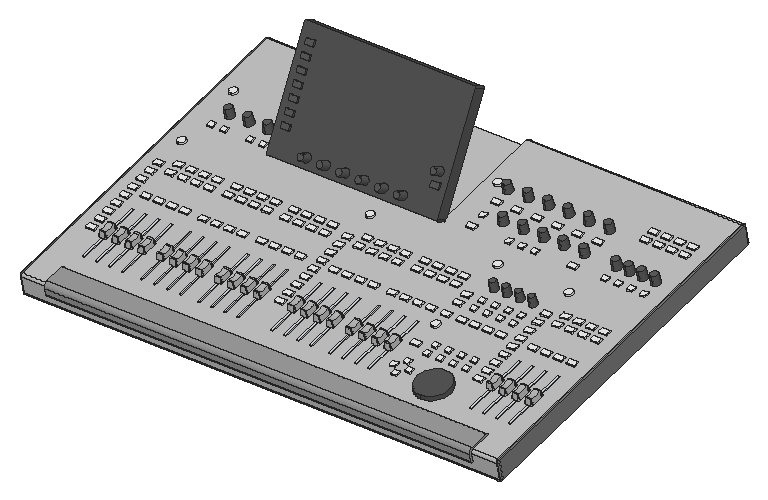
Revit family "Wing", category Communication Devices, Revit 2020
Family settings
  Maintain Annotation Orientation = No
  Round Connector Dimension = Use Diameter
  Part Type = Normal
  Work Plane-Based = Yes
  Always vertical = No
  Cut with Voids When Loaded = Yes
  Shared = No
  Room Calculation Point = No
Parameters
  ScreenTilt [instance] = if(Screen Up, 64.00°, 14.00°)  # 64.00°
  Screen Up [instance] = yes
  Screen Stowed [instance] = not(Screen Up)  # no
  Model = "Wing"
  Manufacturer = "Behringer"
  Default Elevation = 0 mm
Reference planes
  plane 1 "Center (Front/Back)": y = 0
  plane 2: z = 0
  plane 3 "Center (Left/Right)": x = 0
  plane 4 "Control Surface": through (4267.2, -280.258, 62.078) normal (0, -0.2419, 0.9703)
  plane 5 "Rear Connectors": y = 223.328
Forms (mm)
  Extrusion 1, solid, material "Steel, Paint Finish, Light Grey"
    sketch origin (0, 0, 0) x (0, 1, 0) y (0, 0, 1)
      loop
        arc (-276.623, 26.951) -> (-274.348, 23.881) -> (-270.568, 23.317) r 4.996
        line (-270.568, 23.317) -> (283.287, 161.402)
        arc (283.287, 161.402) -> (286.574, 163.573) -> (287.224, 167.458) r 4.933
        line (287.224, 167.458) -> (279.956, 196.53)
        arc (279.956, 196.53) -> (277.504, 199.621) -> (273.595, 200.161) r 5.3
        line (273.595, 200.161) -> (-280.258, 62.078)
        arc (-280.258, 62.078) -> (-283.358, 59.631) -> (-283.893, 55.718) r 5.278
        line (-283.893, 55.718) -> (-276.623, 26.951)
    from -432 to 432
  Blend 2, solid, material "Steel, Paint Finish, Dark Grey"
    base sketch origin (0, 0, 0) x (0, 1, 0) y (0, 0, 1)
      loop
        arc (-276.623, 26.951) -> (-274.348, 23.881) -> (-270.568, 23.317) r 4.996
        line (-270.568, 23.317) -> (283.287, 161.402)
        arc (283.287, 161.402) -> (286.574, 163.573) -> (287.224, 167.458) r 4.933
        line (287.224, 167.458) -> (279.956, 196.53)
        arc (279.956, 196.53) -> (277.504, 199.621) -> (273.595, 200.161) r 5.3
        line (273.595, 200.161) -> (-280.258, 62.078)
        arc (-280.258, 62.078) -> (-283.358, 59.631) -> (-283.893, 55.718) r 5.278
        line (-283.893, 55.718) -> (-276.623, 26.951)
    top sketch origin (0, 0, 0) x (0, 1, 0) y (0, 0, 1)
      loop
        arc (277.123, 195.579) -> (276.061, 196.99) -> (274.32, 197.25) r 2.3
        line (274.32, 197.25) -> (-279.297, 59.225)
        arc (-279.297, 59.225) -> (-280.714, 58.175) -> (-280.971, 56.43) r 2.3
        line (-280.971, 56.43) -> (-273.779, 27.971)
        arc (-273.779, 27.971) -> (-272.73, 26.561) -> (-270.993, 26.303) r 2.3
        line (-270.993, 26.303) -> (282.548, 164.309)
        arc (282.548, 164.309) -> (283.963, 165.356) -> (284.224, 167.097) r 2.3
        line (284.224, 167.097) -> (277.123, 195.579)
    from 432 to 435
  Blend 3, solid, material "Steel, Paint Finish, Dark Grey"
    base sketch origin (0, 0, 0) x (0, 1, 0) y (0, 0, -1)
      loop
        line (-276.623, -26.951) -> (-283.893, -55.718)
        arc (-283.893, -55.718) -> (-283.358, -59.631) -> (-280.258, -62.078) r 5.278
        line (-280.258, -62.078) -> (273.595, -200.161)
        arc (273.595, -200.161) -> (277.504, -199.621) -> (279.956, -196.53) r 5.3
        line (279.956, -196.53) -> (287.224, -167.458)
        arc (287.224, -167.458) -> (286.574, -163.573) -> (283.287, -161.402) r 4.933
        line (283.287, -161.402) -> (-270.568, -23.317)
        arc (-270.568, -23.317) -> (-274.348, -23.881) -> (-276.623, -26.951) r 4.996
    top sketch origin (0, 0, 0) x (0, 1, 0) y (0, 0, -1)
      loop
        line (277.123, -195.579) -> (284.224, -167.097)
        arc (284.224, -167.097) -> (283.963, -165.356) -> (282.548, -164.309) r 2.3
        line (282.548, -164.309) -> (-270.993, -26.303)
        arc (-270.993, -26.303) -> (-272.73, -26.561) -> (-273.779, -27.971) r 2.3
        line (-273.779, -27.971) -> (-280.971, -56.43)
        arc (-280.971, -56.43) -> (-280.714, -58.175) -> (-279.297, -59.225) r 2.3
        line (-279.297, -59.225) -> (274.32, -197.25)
        arc (274.32, -197.25) -> (276.061, -196.99) -> (277.123, -195.579) r 2.3
    from 432 to 435
  Extrusion 4, solid, material "Steel, Paint Finish, Black"
    sketch origin (0, 0, 0) x (0, 1, 0) y (0, 0, 1)
      loop
        line (-213.547, 37.533) -> (-206.478, 17.681)
        arc (-206.478, 17.681) -> (-205.747, 16.717) -> (-204.594, 16.352) r 2
        line (-204.594, 16.352) -> (221.328, 16.352)
        arc (221.328, 16.352) -> (222.743, 16.937) -> (223.328, 18.352) r 2
        line (223.328, 18.352) -> (223.328, 146.453) -> (-213.547, 37.533)
    from -240 to 240
  Extrusion 5, solid, material "Mahogany"
    sketch origin (0, 0, 0) x (0, 1, 0) y (0, 0, 1)
      loop
        line (-282.984, 41.485) -> (-280.296, 41.485) -> (-283.893, 55.718)
        arc (-283.893, 55.718) -> (-283.433, 59.674) -> (-280.258, 62.078) r 5.07
        line (-280.258, 62.078) -> (-246.686, 70.447)
        arc (-246.686, 70.447) -> (-247, 72.256) -> (-248.722, 72.892) r 1.839
        line (-248.722, 72.892) -> (-281.167, 64.803)
        arc (-281.167, 64.803) -> (-285.976, 60.924) -> (-286.826, 54.805) r 8.39
        line (-286.826, 54.805) -> (-283.866, 42.661) -> (-282.984, 41.485)
    from -386.094 to 386.094
  Extrusion 6, void
    sketch origin (0, -30.972, 124.228) x (0, -0.970299, -0.24191) y (1, 0, 0)
      loop
        line (-113.305, -270.115) -> (-113.305, 41.486) -> (-328.101, 41.486) -> (-328.101, -270.115) -> (-113.305, -270.115)
    from 0 to -21
  Extrusion 7, solid
    sketch origin (0, -30.972, 124.228) x (0, -0.970299, -0.24191) y (1, 0, 0)
      loop
        line (187.756, -375.797) -> (187.756, -372.769) -> (72.911, -372.769) -> (72.911, -375.797) -> (187.756, -375.797)
    from 0 to -2
  Extrusion 8, solid
    sketch origin (70.556, -30.972, 124.228) x (0, -0.970299, -0.24191) y (1, 0, 0)
      loop
        line (187.756, -375.797) -> (187.756, -372.769) -> (72.911, -372.769) -> (72.911, -375.797) -> (187.756, -375.797)
    from 0 to -2
  Extrusion 9, solid
    sketch origin (23.519, -30.972, 124.228) x (0, -0.970299, -0.24191) y (1, 0, 0)
      loop
        line (187.756, -375.797) -> (187.756, -372.769) -> (72.911, -372.769) -> (72.911, -375.797) -> (187.756, -375.797)
    from 0 to -2
  Extrusion 10, solid
    sketch origin (47.037, -30.972, 124.228) x (0, -0.970299, -0.24191) y (1, 0, 0)
      loop
        line (187.756, -375.797) -> (187.756, -372.769) -> (72.911, -372.769) -> (72.911, -375.797) -> (187.756, -375.797)
    from 0 to -2
  Extrusion 11, solid
    sketch origin (104.774, -30.972, 124.228) x (0, -0.970299, -0.24191) y (1, 0, 0)
      loop
        line (187.756, -375.797) -> (187.756, -372.769) -> (72.911, -372.769) -> (72.911, -375.797) -> (187.756, -375.797)
    from 0 to -2
  Extrusion 12, solid
    sketch origin (175.331, -30.972, 124.228) x (0, -0.970299, -0.24191) y (1, 0, 0)
      loop
        line (187.756, -375.797) -> (187.756, -372.769) -> (72.911, -372.769) -> (72.911, -375.797) -> (187.756, -375.797)
    from 0 to -2
  Extrusion 13, solid
    sketch origin (128.293, -30.972, 124.228) x (0, -0.970299, -0.24191) y (1, 0, 0)
      loop
        line (187.756, -375.797) -> (187.756, -372.769) -> (72.911, -372.769) -> (72.911, -375.797) -> (187.756, -375.797)
    from 0 to -2
  Extrusion 14, solid
    sketch origin (151.812, -30.972, 124.228) x (0, -0.970299, -0.24191) y (1, 0, 0)
      loop
        line (187.756, -375.797) -> (187.756, -372.769) -> (72.911, -372.769) -> (72.911, -375.797) -> (187.756, -375.797)
    from 0 to -2
  Extrusion 15, solid
    sketch origin (209.55, -30.972, 124.228) x (0, -0.970299, -0.24191) y (1, 0, 0)
      loop
        line (187.756, -375.797) -> (187.756, -372.769) -> (72.911, -372.769) -> (72.911, -375.797) -> (187.756, -375.797)
    from 0 to -2
  Extrusion 16, solid
    sketch origin (280.106, -30.972, 124.228) x (0, -0.970299, -0.24191) y (1, 0, 0)
      loop
        line (187.756, -375.797) -> (187.756, -372.769) -> (72.911, -372.769) -> (72.911, -375.797) -> (187.756, -375.797)
    from 0 to -2
  Extrusion 17, solid
    sketch origin (233.069, -30.972, 124.228) x (0, -0.970299, -0.24191) y (1, 0, 0)
      loop
        line (187.756, -375.797) -> (187.756, -372.769) -> (72.911, -372.769) -> (72.911, -375.797) -> (187.756, -375.797)
    from 0 to -2
  Extrusion 18, solid
    sketch origin (256.587, -30.972, 124.228) x (0, -0.970299, -0.24191) y (1, 0, 0)
      loop
        line (187.756, -375.797) -> (187.756, -372.769) -> (72.911, -372.769) -> (72.911, -375.797) -> (187.756, -375.797)
    from 0 to -2
  Extrusion 19, solid
    sketch origin (342.184, -30.972, 124.228) x (0, -0.970299, -0.24191) y (1, 0, 0)
      loop
        line (187.756, -375.797) -> (187.756, -372.769) -> (72.911, -372.769) -> (72.911, -375.797) -> (187.756, -375.797)
    from 0 to -2
  Extrusion 20, solid
    sketch origin (412.74, -30.972, 124.228) x (0, -0.970299, -0.24191) y (1, 0, 0)
      loop
        line (187.756, -375.797) -> (187.756, -372.769) -> (72.911, -372.769) -> (72.911, -375.797) -> (187.756, -375.797)
    from 0 to -2
  Extrusion 21, solid
    sketch origin (365.703, -30.972, 124.228) x (0, -0.970299, -0.24191) y (1, 0, 0)
      loop
        line (187.756, -375.797) -> (187.756, -372.769) -> (72.911, -372.769) -> (72.911, -375.797) -> (187.756, -375.797)
    from 0 to -2
  Extrusion 22, solid
    sketch origin (389.222, -30.972, 124.228) x (0, -0.970299, -0.24191) y (1, 0, 0)
      loop
        line (187.756, -375.797) -> (187.756, -372.769) -> (72.911, -372.769) -> (72.911, -375.797) -> (187.756, -375.797)
    from 0 to -2
  Extrusion 23, solid
    sketch origin (447.262, -30.972, 124.228) x (0, -0.970299, -0.24191) y (1, 0, 0)
      loop
        line (187.756, -375.797) -> (187.756, -372.769) -> (72.911, -372.769) -> (72.911, -375.797) -> (187.756, -375.797)
    from 0 to -2
  Extrusion 24, solid
    sketch origin (517.819, -30.972, 124.228) x (0, -0.970299, -0.24191) y (1, 0, 0)
      loop
        line (187.756, -375.797) -> (187.756, -372.769) -> (72.911, -372.769) -> (72.911, -375.797) -> (187.756, -375.797)
    from 0 to -2
  Extrusion 25, solid
    sketch origin (470.781, -30.972, 124.228) x (0, -0.970299, -0.24191) y (1, 0, 0)
      loop
        line (187.756, -375.797) -> (187.756, -372.769) -> (72.911, -372.769) -> (72.911, -375.797) -> (187.756, -375.797)
    from 0 to -2
  Extrusion 26, solid
    sketch origin (494.3, -30.972, 124.228) x (0, -0.970299, -0.24191) y (1, 0, 0)
      loop
        line (187.756, -375.797) -> (187.756, -372.769) -> (72.911, -372.769) -> (72.911, -375.797) -> (187.756, -375.797)
    from 0 to -2
  Extrusion 27, solid
    sketch origin (703.144, -30.972, 124.228) x (0, -0.970299, -0.24191) y (1, 0, 0)
      loop
        line (187.756, -375.797) -> (187.756, -372.769) -> (72.911, -372.769) -> (72.911, -375.797) -> (187.756, -375.797)
    from 0 to -2
  Extrusion 28, solid
    sketch origin (773.7, -30.972, 124.228) x (0, -0.970299, -0.24191) y (1, 0, 0)
      loop
        line (187.756, -375.797) -> (187.756, -372.769) -> (72.911, -372.769) -> (72.911, -375.797) -> (187.756, -375.797)
    from 0 to -2
  Extrusion 29, solid
    sketch origin (726.663, -30.972, 124.228) x (0, -0.970299, -0.24191) y (1, 0, 0)
      loop
        line (187.756, -375.797) -> (187.756, -372.769) -> (72.911, -372.769) -> (72.911, -375.797) -> (187.756, -375.797)
    from 0 to -2
  Extrusion 30, solid
    sketch origin (750.182, -30.972, 124.228) x (0, -0.970299, -0.24191) y (1, 0, 0)
      loop
        line (187.756, -375.797) -> (187.756, -372.769) -> (72.911, -372.769) -> (72.911, -375.797) -> (187.756, -375.797)
    from 0 to -2
  Extrusion 31, solid, material "LED, White, Off"
    sketch origin (0, -30.972, 124.228) x (0, -0.970299, -0.24191) y (1, 0, 0)
      loop
        line (136.261, -409.214) -> (136.261, -395.979)
        arc (136.261, -395.979) -> (136.027, -395.414) -> (135.461, -395.179) r 0.8
        line (135.461, -395.179) -> (127.386, -395.179)
        arc (127.386, -395.179) -> (126.82, -395.414) -> (126.586, -395.979) r 0.8
        line (126.586, -395.979) -> (126.586, -409.214)
        arc (126.586, -409.214) -> (126.82, -409.78) -> (127.386, -410.014) r 0.8
        line (127.386, -410.014) -> (135.461, -410.014)
        arc (135.461, -410.014) -> (136.027, -409.78) -> (136.261, -409.214) r 0.8
    from 0 to 2
  Extrusion 32, solid, material "LED, White, Off"
    sketch origin (0, 120.944, 162.103) x (0, -0.970299, -0.24191) y (1, 0, 0)
      loop
        line (136.261, -409.214) -> (136.261, -395.979)
        arc (136.261, -395.979) -> (136.027, -395.414) -> (135.461, -395.179) r 0.8
        line (135.461, -395.179) -> (127.386, -395.179)
        arc (127.386, -395.179) -> (126.82, -395.414) -> (126.586, -395.979) r 0.8
        line (126.586, -395.979) -> (126.586, -409.214)
        arc (126.586, -409.214) -> (126.82, -409.78) -> (127.386, -410.014) r 0.8
        line (127.386, -410.014) -> (135.461, -410.014)
        arc (135.461, -410.014) -> (136.027, -409.78) -> (136.261, -409.214) r 0.8
    from 0 to 2
  Extrusion 33, solid, material "LED, White, Off"
    sketch origin (0, -11.982, 128.962) x (0, -0.970299, -0.24191) y (1, 0, 0)
      loop
        line (136.261, -409.214) -> (136.261, -395.979)
        arc (136.261, -395.979) -> (136.027, -395.414) -> (135.461, -395.179) r 0.8
        line (135.461, -395.179) -> (127.386, -395.179)
        arc (127.386, -395.179) -> (126.82, -395.414) -> (126.586, -395.979) r 0.8
        line (126.586, -395.979) -> (126.586, -409.214)
        arc (126.586, -409.214) -> (126.82, -409.78) -> (127.386, -410.014) r 0.8
        line (127.386, -410.014) -> (135.461, -410.014)
        arc (135.461, -410.014) -> (136.027, -409.78) -> (136.261, -409.214) r 0.8
    from 0 to 2
  Extrusion 34, solid, material "LED, White, Off"
    sketch origin (0, 7.007, 133.697) x (0, -0.970299, -0.24191) y (1, 0, 0)
      loop
        line (136.261, -409.214) -> (136.261, -395.979)
        arc (136.261, -395.979) -> (136.027, -395.414) -> (135.461, -395.179) r 0.8
        line (135.461, -395.179) -> (127.386, -395.179)
        arc (127.386, -395.179) -> (126.82, -395.414) -> (126.586, -395.979) r 0.8
        line (126.586, -395.979) -> (126.586, -409.214)
        arc (126.586, -409.214) -> (126.82, -409.78) -> (127.386, -410.014) r 0.8
        line (127.386, -410.014) -> (135.461, -410.014)
        arc (135.461, -410.014) -> (136.027, -409.78) -> (136.261, -409.214) r 0.8
    from 0 to 2
  Extrusion 35, solid, material "LED, White, Off"
    sketch origin (0, 25.997, 138.431) x (0, -0.970299, -0.24191) y (1, 0, 0)
      loop
        line (136.261, -409.214) -> (136.261, -395.979)
        arc (136.261, -395.979) -> (136.027, -395.414) -> (135.461, -395.179) r 0.8
        line (135.461, -395.179) -> (127.386, -395.179)
        arc (127.386, -395.179) -> (126.82, -395.414) -> (126.586, -395.979) r 0.8
        line (126.586, -395.979) -> (126.586, -409.214)
        arc (126.586, -409.214) -> (126.82, -409.78) -> (127.386, -410.014) r 0.8
        line (127.386, -410.014) -> (135.461, -410.014)
        arc (135.461, -410.014) -> (136.027, -409.78) -> (136.261, -409.214) r 0.8
    from 0 to 2
  Extrusion 36, solid, material "LED, White, Off"
    sketch origin (0, 44.986, 143.166) x (0, -0.970299, -0.24191) y (1, 0, 0)
      loop
        line (136.261, -409.214) -> (136.261, -395.979)
        arc (136.261, -395.979) -> (136.027, -395.414) -> (135.461, -395.179) r 0.8
        line (135.461, -395.179) -> (127.386, -395.179)
        arc (127.386, -395.179) -> (126.82, -395.414) -> (126.586, -395.979) r 0.8
        line (126.586, -395.979) -> (126.586, -409.214)
        arc (126.586, -409.214) -> (126.82, -409.78) -> (127.386, -410.014) r 0.8
        line (127.386, -410.014) -> (135.461, -410.014)
        arc (135.461, -410.014) -> (136.027, -409.78) -> (136.261, -409.214) r 0.8
    from 0 to 2
  Extrusion 37, solid, material "LED, White, Off"
    sketch origin (0, 63.976, 147.9) x (0, -0.970299, -0.24191) y (1, 0, 0)
      loop
        line (136.261, -409.214) -> (136.261, -395.979)
        arc (136.261, -395.979) -> (136.027, -395.414) -> (135.461, -395.179) r 0.8
        line (135.461, -395.179) -> (127.386, -395.179)
        arc (127.386, -395.179) -> (126.82, -395.414) -> (126.586, -395.979) r 0.8
        line (126.586, -395.979) -> (126.586, -409.214)
        arc (126.586, -409.214) -> (126.82, -409.78) -> (127.386, -410.014) r 0.8
        line (127.386, -410.014) -> (135.461, -410.014)
        arc (135.461, -410.014) -> (136.027, -409.78) -> (136.261, -409.214) r 0.8
    from 0 to 2
  Extrusion 38, solid, material "LED, White, Off"
    sketch origin (0, 82.965, 152.634) x (0, -0.970299, -0.24191) y (1, 0, 0)
      loop
        line (136.261, -409.214) -> (136.261, -395.979)
        arc (136.261, -395.979) -> (136.027, -395.414) -> (135.461, -395.179) r 0.8
        line (135.461, -395.179) -> (127.386, -395.179)
        arc (127.386, -395.179) -> (126.82, -395.414) -> (126.586, -395.979) r 0.8
        line (126.586, -395.979) -> (126.586, -409.214)
        arc (126.586, -409.214) -> (126.82, -409.78) -> (127.386, -410.014) r 0.8
        line (127.386, -410.014) -> (135.461, -410.014)
        arc (135.461, -410.014) -> (136.027, -409.78) -> (136.261, -409.214) r 0.8
    from 0 to 2
  Extrusion 39, solid, material "LED, White, Off"
    sketch origin (0, 101.955, 157.369) x (0, -0.970299, -0.24191) y (1, 0, 0)
      loop
        line (136.261, -409.214) -> (136.261, -395.979)
        arc (136.261, -395.979) -> (136.027, -395.414) -> (135.461, -395.179) r 0.8
        line (135.461, -395.179) -> (127.386, -395.179)
        arc (127.386, -395.179) -> (126.82, -395.414) -> (126.586, -395.979) r 0.8
        line (126.586, -395.979) -> (126.586, -409.214)
        arc (126.586, -409.214) -> (126.82, -409.78) -> (127.386, -410.014) r 0.8
        line (127.386, -410.014) -> (135.461, -410.014)
        arc (135.461, -410.014) -> (136.027, -409.78) -> (136.261, -409.214) r 0.8
    from 0 to 2
  Extrusion 40, solid, material "LED, White, Off"
    sketch origin (342.445, -30.972, 124.228) x (0, -0.970299, -0.24191) y (1, 0, 0)
      loop
        line (136.261, -409.214) -> (136.261, -395.979)
        arc (136.261, -395.979) -> (136.027, -395.414) -> (135.461, -395.179) r 0.8
        line (135.461, -395.179) -> (127.386, -395.179)
        arc (127.386, -395.179) -> (126.82, -395.414) -> (126.586, -395.979) r 0.8
        line (126.586, -395.979) -> (126.586, -409.214)
        arc (126.586, -409.214) -> (126.82, -409.78) -> (127.386, -410.014) r 0.8
        line (127.386, -410.014) -> (135.461, -410.014)
        arc (135.461, -410.014) -> (136.027, -409.78) -> (136.261, -409.214) r 0.8
    from 0 to 2
  Extrusion 41, solid, material "LED, White, Off"
    sketch origin (342.445, 120.944, 162.103) x (0, -0.970299, -0.24191) y (1, 0, 0)
      loop
        line (136.261, -409.214) -> (136.261, -395.979)
        arc (136.261, -395.979) -> (136.027, -395.414) -> (135.461, -395.179) r 0.8
        line (135.461, -395.179) -> (127.386, -395.179)
        arc (127.386, -395.179) -> (126.82, -395.414) -> (126.586, -395.979) r 0.8
        line (126.586, -395.979) -> (126.586, -409.214)
        arc (126.586, -409.214) -> (126.82, -409.78) -> (127.386, -410.014) r 0.8
        line (127.386, -410.014) -> (135.461, -410.014)
        arc (135.461, -410.014) -> (136.027, -409.78) -> (136.261, -409.214) r 0.8
    from 0 to 2
  Extrusion 42, solid, material "LED, White, Off"
    sketch origin (342.445, -11.982, 128.962) x (0, -0.970299, -0.24191) y (1, 0, 0)
      loop
        line (136.261, -409.214) -> (136.261, -395.979)
        arc (136.261, -395.979) -> (136.027, -395.414) -> (135.461, -395.179) r 0.8
        line (135.461, -395.179) -> (127.386, -395.179)
        arc (127.386, -395.179) -> (126.82, -395.414) -> (126.586, -395.979) r 0.8
        line (126.586, -395.979) -> (126.586, -409.214)
        arc (126.586, -409.214) -> (126.82, -409.78) -> (127.386, -410.014) r 0.8
        line (127.386, -410.014) -> (135.461, -410.014)
        arc (135.461, -410.014) -> (136.027, -409.78) -> (136.261, -409.214) r 0.8
    from 0 to 2
  Extrusion 43, solid, material "LED, White, Off"
    sketch origin (342.445, 7.007, 133.697) x (0, -0.970299, -0.24191) y (1, 0, 0)
      loop
        line (136.261, -409.214) -> (136.261, -395.979)
        arc (136.261, -395.979) -> (136.027, -395.414) -> (135.461, -395.179) r 0.8
        line (135.461, -395.179) -> (127.386, -395.179)
        arc (127.386, -395.179) -> (126.82, -395.414) -> (126.586, -395.979) r 0.8
        line (126.586, -395.979) -> (126.586, -409.214)
        arc (126.586, -409.214) -> (126.82, -409.78) -> (127.386, -410.014) r 0.8
        line (127.386, -410.014) -> (135.461, -410.014)
        arc (135.461, -410.014) -> (136.027, -409.78) -> (136.261, -409.214) r 0.8
    from 0 to 2
  Extrusion 44, solid, material "LED, White, Off"
    sketch origin (342.445, 25.997, 138.431) x (0, -0.970299, -0.24191) y (1, 0, 0)
      loop
        line (136.261, -409.214) -> (136.261, -395.979)
        arc (136.261, -395.979) -> (136.027, -395.414) -> (135.461, -395.179) r 0.8
        line (135.461, -395.179) -> (127.386, -395.179)
        arc (127.386, -395.179) -> (126.82, -395.414) -> (126.586, -395.979) r 0.8
        line (126.586, -395.979) -> (126.586, -409.214)
        arc (126.586, -409.214) -> (126.82, -409.78) -> (127.386, -410.014) r 0.8
        line (127.386, -410.014) -> (135.461, -410.014)
        arc (135.461, -410.014) -> (136.027, -409.78) -> (136.261, -409.214) r 0.8
    from 0 to 2
  Extrusion 45, solid, material "LED, White, Off"
    sketch origin (342.445, 44.986, 143.166) x (0, -0.970299, -0.24191) y (1, 0, 0)
      loop
        line (136.261, -409.214) -> (136.261, -395.979)
        arc (136.261, -395.979) -> (136.027, -395.414) -> (135.461, -395.179) r 0.8
        line (135.461, -395.179) -> (127.386, -395.179)
        arc (127.386, -395.179) -> (126.82, -395.414) -> (126.586, -395.979) r 0.8
        line (126.586, -395.979) -> (126.586, -409.214)
        arc (126.586, -409.214) -> (126.82, -409.78) -> (127.386, -410.014) r 0.8
        line (127.386, -410.014) -> (135.461, -410.014)
        arc (135.461, -410.014) -> (136.027, -409.78) -> (136.261, -409.214) r 0.8
    from 0 to 2
  Extrusion 46, solid, material "LED, White, Off"
    sketch origin (342.445, 63.976, 147.9) x (0, -0.970299, -0.24191) y (1, 0, 0)
      loop
        line (136.261, -409.214) -> (136.261, -395.979)
        arc (136.261, -395.979) -> (136.027, -395.414) -> (135.461, -395.179) r 0.8
        line (135.461, -395.179) -> (127.386, -395.179)
        arc (127.386, -395.179) -> (126.82, -395.414) -> (126.586, -395.979) r 0.8
        line (126.586, -395.979) -> (126.586, -409.214)
        arc (126.586, -409.214) -> (126.82, -409.78) -> (127.386, -410.014) r 0.8
        line (127.386, -410.014) -> (135.461, -410.014)
        arc (135.461, -410.014) -> (136.027, -409.78) -> (136.261, -409.214) r 0.8
    from 0 to 2
  Extrusion 47, solid, material "LED, White, Off"
    sketch origin (342.445, 82.965, 152.634) x (0, -0.970299, -0.24191) y (1, 0, 0)
      loop
        line (136.261, -409.214) -> (136.261, -395.979)
        arc (136.261, -395.979) -> (136.027, -395.414) -> (135.461, -395.179) r 0.8
        line (135.461, -395.179) -> (127.386, -395.179)
        arc (127.386, -395.179) -> (126.82, -395.414) -> (126.586, -395.979) r 0.8
        line (126.586, -395.979) -> (126.586, -409.214)
        arc (126.586, -409.214) -> (126.82, -409.78) -> (127.386, -410.014) r 0.8
        line (127.386, -410.014) -> (135.461, -410.014)
        arc (135.461, -410.014) -> (136.027, -409.78) -> (136.261, -409.214) r 0.8
    from 0 to 2
  Extrusion 48, solid, material "LED, White, Off"
    sketch origin (342.445, 101.955, 157.369) x (0, -0.970299, -0.24191) y (1, 0, 0)
      loop
        line (136.261, -409.214) -> (136.261, -395.979)
        arc (136.261, -395.979) -> (136.027, -395.414) -> (135.461, -395.179) r 0.8
        line (135.461, -395.179) -> (127.386, -395.179)
        arc (127.386, -395.179) -> (126.82, -395.414) -> (126.586, -395.979) r 0.8
        line (126.586, -395.979) -> (126.586, -409.214)
        arc (126.586, -409.214) -> (126.82, -409.78) -> (127.386, -410.014) r 0.8
        line (127.386, -410.014) -> (135.461, -410.014)
        arc (135.461, -410.014) -> (136.027, -409.78) -> (136.261, -409.214) r 0.8
    from 0 to 2
  Extrusion 49, solid, material "LED, White, Off"
    sketch origin (703.418, -30.972, 124.228) x (0, -0.970299, -0.24191) y (1, 0, 0)
      loop
        line (136.261, -409.214) -> (136.261, -395.979)
        arc (136.261, -395.979) -> (136.027, -395.414) -> (135.461, -395.179) r 0.8
        line (135.461, -395.179) -> (127.386, -395.179)
        arc (127.386, -395.179) -> (126.82, -395.414) -> (126.586, -395.979) r 0.8
        line (126.586, -395.979) -> (126.586, -409.214)
        arc (126.586, -409.214) -> (126.82, -409.78) -> (127.386, -410.014) r 0.8
        line (127.386, -410.014) -> (135.461, -410.014)
        arc (135.461, -410.014) -> (136.027, -409.78) -> (136.261, -409.214) r 0.8
    from 0 to 2
  Extrusion 50, solid, material "LED, White, Off"
    sketch origin (703.418, 120.944, 162.103) x (0, -0.970299, -0.24191) y (1, 0, 0)
      loop
        line (136.261, -409.214) -> (136.261, -395.979)
        arc (136.261, -395.979) -> (136.027, -395.414) -> (135.461, -395.179) r 0.8
        line (135.461, -395.179) -> (127.386, -395.179)
        arc (127.386, -395.179) -> (126.82, -395.414) -> (126.586, -395.979) r 0.8
        line (126.586, -395.979) -> (126.586, -409.214)
        arc (126.586, -409.214) -> (126.82, -409.78) -> (127.386, -410.014) r 0.8
        line (127.386, -410.014) -> (135.461, -410.014)
        arc (135.461, -410.014) -> (136.027, -409.78) -> (136.261, -409.214) r 0.8
    from 0 to 2
  Extrusion 51, solid, material "LED, White, Off"
    sketch origin (703.418, -11.982, 128.962) x (0, -0.970299, -0.24191) y (1, 0, 0)
      loop
        line (136.261, -409.214) -> (136.261, -395.979)
        arc (136.261, -395.979) -> (136.027, -395.414) -> (135.461, -395.179) r 0.8
        line (135.461, -395.179) -> (127.386, -395.179)
        arc (127.386, -395.179) -> (126.82, -395.414) -> (126.586, -395.979) r 0.8
        line (126.586, -395.979) -> (126.586, -409.214)
        arc (126.586, -409.214) -> (126.82, -409.78) -> (127.386, -410.014) r 0.8
        line (127.386, -410.014) -> (135.461, -410.014)
        arc (135.461, -410.014) -> (136.027, -409.78) -> (136.261, -409.214) r 0.8
    from 0 to 2
  Extrusion 52, solid, material "LED, White, Off"
    sketch origin (703.418, 7.007, 133.697) x (0, -0.970299, -0.24191) y (1, 0, 0)
      loop
        line (136.261, -409.214) -> (136.261, -395.979)
        arc (136.261, -395.979) -> (136.027, -395.414) -> (135.461, -395.179) r 0.8
        line (135.461, -395.179) -> (127.386, -395.179)
        arc (127.386, -395.179) -> (126.82, -395.414) -> (126.586, -395.979) r 0.8
        line (126.586, -395.979) -> (126.586, -409.214)
        arc (126.586, -409.214) -> (126.82, -409.78) -> (127.386, -410.014) r 0.8
        line (127.386, -410.014) -> (135.461, -410.014)
        arc (135.461, -410.014) -> (136.027, -409.78) -> (136.261, -409.214) r 0.8
    from 0 to 2
  Extrusion 53, solid, material "LED, White, Off"
    sketch origin (703.418, 25.997, 138.431) x (0, -0.970299, -0.24191) y (1, 0, 0)
      loop
        line (136.261, -409.214) -> (136.261, -395.979)
        arc (136.261, -395.979) -> (136.027, -395.414) -> (135.461, -395.179) r 0.8
        line (135.461, -395.179) -> (127.386, -395.179)
        arc (127.386, -395.179) -> (126.82, -395.414) -> (126.586, -395.979) r 0.8
        line (126.586, -395.979) -> (126.586, -409.214)
        arc (126.586, -409.214) -> (126.82, -409.78) -> (127.386, -410.014) r 0.8
        line (127.386, -410.014) -> (135.461, -410.014)
        arc (135.461, -410.014) -> (136.027, -409.78) -> (136.261, -409.214) r 0.8
    from 0 to 2
  Extrusion 54, solid, material "LED, White, Off"
    sketch origin (703.418, 44.986, 143.166) x (0, -0.970299, -0.24191) y (1, 0, 0)
      loop
        line (136.261, -409.214) -> (136.261, -395.979)
        arc (136.261, -395.979) -> (136.027, -395.414) -> (135.461, -395.179) r 0.8
        line (135.461, -395.179) -> (127.386, -395.179)
        arc (127.386, -395.179) -> (126.82, -395.414) -> (126.586, -395.979) r 0.8
        line (126.586, -395.979) -> (126.586, -409.214)
        arc (126.586, -409.214) -> (126.82, -409.78) -> (127.386, -410.014) r 0.8
        line (127.386, -410.014) -> (135.461, -410.014)
        arc (135.461, -410.014) -> (136.027, -409.78) -> (136.261, -409.214) r 0.8
    from 0 to 2
  Extrusion 55, solid, material "LED, White, Off"
    sketch origin (703.418, 63.976, 147.9) x (0, -0.970299, -0.24191) y (1, 0, 0)
      loop
        line (136.261, -409.214) -> (136.261, -395.979)
        arc (136.261, -395.979) -> (136.027, -395.414) -> (135.461, -395.179) r 0.8
        line (135.461, -395.179) -> (127.386, -395.179)
        arc (127.386, -395.179) -> (126.82, -395.414) -> (126.586, -395.979) r 0.8
        line (126.586, -395.979) -> (126.586, -409.214)
        arc (126.586, -409.214) -> (126.82, -409.78) -> (127.386, -410.014) r 0.8
        line (127.386, -410.014) -> (135.461, -410.014)
        arc (135.461, -410.014) -> (136.027, -409.78) -> (136.261, -409.214) r 0.8
    from 0 to 2
  Extrusion 56, solid, material "LED, White, Off"
    sketch origin (703.418, 82.965, 152.634) x (0, -0.970299, -0.24191) y (1, 0, 0)
      loop
        line (136.261, -409.214) -> (136.261, -395.979)
        arc (136.261, -395.979) -> (136.027, -395.414) -> (135.461, -395.179) r 0.8
        line (135.461, -395.179) -> (127.386, -395.179)
        arc (127.386, -395.179) -> (126.82, -395.414) -> (126.586, -395.979) r 0.8
        line (126.586, -395.979) -> (126.586, -409.214)
        arc (126.586, -409.214) -> (126.82, -409.78) -> (127.386, -410.014) r 0.8
        line (127.386, -410.014) -> (135.461, -410.014)
        arc (135.461, -410.014) -> (136.027, -409.78) -> (136.261, -409.214) r 0.8
    from 0 to 2
  Extrusion 57, solid, material "LED, White, Off"
    sketch origin (703.418, 101.955, 157.369) x (0, -0.970299, -0.24191) y (1, 0, 0)
      loop
        line (136.261, -409.214) -> (136.261, -395.979)
        arc (136.261, -395.979) -> (136.027, -395.414) -> (135.461, -395.179) r 0.8
        line (135.461, -395.179) -> (127.386, -395.179)
        arc (127.386, -395.179) -> (126.82, -395.414) -> (126.586, -395.979) r 0.8
        line (126.586, -395.979) -> (126.586, -409.214)
        arc (126.586, -409.214) -> (126.82, -409.78) -> (127.386, -410.014) r 0.8
        line (127.386, -410.014) -> (135.461, -410.014)
        arc (135.461, -410.014) -> (136.027, -409.78) -> (136.261, -409.214) r 0.8
    from 0 to 2
  Extrusion 58, solid, material "LED, White, Off"
    sketch origin (28.486, 111.875, 159.842) x (0, -0.970299, -0.24191) y (1, 0, 0)
      loop
        line (136.261, -409.214) -> (136.261, -395.979)
        arc (136.261, -395.979) -> (136.027, -395.414) -> (135.461, -395.179) r 0.8
        line (135.461, -395.179) -> (127.386, -395.179)
        arc (127.386, -395.179) -> (126.82, -395.414) -> (126.586, -395.979) r 0.8
        line (126.586, -395.979) -> (126.586, -409.214)
        arc (126.586, -409.214) -> (126.82, -409.78) -> (127.386, -410.014) r 0.8
        line (127.386, -410.014) -> (135.461, -410.014)
        arc (135.461, -410.014) -> (136.027, -409.78) -> (136.261, -409.214) r 0.8
    from 0 to 2
  Extrusion 59, solid, material "LED, White, Off"
    sketch origin (28.486, 130.865, 164.576) x (0, -0.970299, -0.24191) y (1, 0, 0)
      loop
        line (136.261, -409.214) -> (136.261, -395.979)
        arc (136.261, -395.979) -> (136.027, -395.414) -> (135.461, -395.179) r 0.8
        line (135.461, -395.179) -> (127.386, -395.179)
        arc (127.386, -395.179) -> (126.82, -395.414) -> (126.586, -395.979) r 0.8
        line (126.586, -395.979) -> (126.586, -409.214)
        arc (126.586, -409.214) -> (126.82, -409.78) -> (127.386, -410.014) r 0.8
        line (127.386, -410.014) -> (135.461, -410.014)
        arc (135.461, -410.014) -> (136.027, -409.78) -> (136.261, -409.214) r 0.8
    from 0 to 2
  Extrusion 60, solid, material "LED, White, Off"
    sketch origin (28.486, 56.573, 146.054) x (0, -0.970299, -0.24191) y (1, 0, 0)
      loop
        line (136.261, -409.214) -> (136.261, -395.979)
        arc (136.261, -395.979) -> (136.027, -395.414) -> (135.461, -395.179) r 0.8
        line (135.461, -395.179) -> (127.386, -395.179)
        arc (127.386, -395.179) -> (126.82, -395.414) -> (126.586, -395.979) r 0.8
        line (126.586, -395.979) -> (126.586, -409.214)
        arc (126.586, -409.214) -> (126.82, -409.78) -> (127.386, -410.014) r 0.8
        line (127.386, -410.014) -> (135.461, -410.014)
        arc (135.461, -410.014) -> (136.027, -409.78) -> (136.261, -409.214) r 0.8
    from 0 to 2
  Extrusion 61, solid, material "LED, White, Off"
    sketch origin (52.005, 111.875, 159.842) x (0, -0.970299, -0.24191) y (1, 0, 0)
      loop
        line (136.261, -409.214) -> (136.261, -395.979)
        arc (136.261, -395.979) -> (136.027, -395.414) -> (135.461, -395.179) r 0.8
        line (135.461, -395.179) -> (127.386, -395.179)
        arc (127.386, -395.179) -> (126.82, -395.414) -> (126.586, -395.979) r 0.8
        line (126.586, -395.979) -> (126.586, -409.214)
        arc (126.586, -409.214) -> (126.82, -409.78) -> (127.386, -410.014) r 0.8
        line (127.386, -410.014) -> (135.461, -410.014)
        arc (135.461, -410.014) -> (136.027, -409.78) -> (136.261, -409.214) r 0.8
    from 0 to 2
  Extrusion 62, solid, material "LED, White, Off"
    sketch origin (52.005, 130.865, 164.576) x (0, -0.970299, -0.24191) y (1, 0, 0)
      loop
        line (136.261, -409.214) -> (136.261, -395.979)
        arc (136.261, -395.979) -> (136.027, -395.414) -> (135.461, -395.179) r 0.8
        line (135.461, -395.179) -> (127.386, -395.179)
        arc (127.386, -395.179) -> (126.82, -395.414) -> (126.586, -395.979) r 0.8
        line (126.586, -395.979) -> (126.586, -409.214)
        arc (126.586, -409.214) -> (126.82, -409.78) -> (127.386, -410.014) r 0.8
        line (127.386, -410.014) -> (135.461, -410.014)
        arc (135.461, -410.014) -> (136.027, -409.78) -> (136.261, -409.214) r 0.8
    from 0 to 2
  Extrusion 63, solid, material "LED, White, Off"
    sketch origin (52.005, 56.573, 146.054) x (0, -0.970299, -0.24191) y (1, 0, 0)
      loop
        line (136.261, -409.214) -> (136.261, -395.979)
        arc (136.261, -395.979) -> (136.027, -395.414) -> (135.461, -395.179) r 0.8
        line (135.461, -395.179) -> (127.386, -395.179)
        arc (127.386, -395.179) -> (126.82, -395.414) -> (126.586, -395.979) r 0.8
        line (126.586, -395.979) -> (126.586, -409.214)
        arc (126.586, -409.214) -> (126.82, -409.78) -> (127.386, -410.014) r 0.8
        line (127.386, -410.014) -> (135.461, -410.014)
        arc (135.461, -410.014) -> (136.027, -409.78) -> (136.261, -409.214) r 0.8
    from 0 to 2
  Extrusion 64, solid, material "LED, White, Off"
    sketch origin (75.524, 111.875, 159.842) x (0, -0.970299, -0.24191) y (1, 0, 0)
      loop
        line (136.261, -409.214) -> (136.261, -395.979)
        arc (136.261, -395.979) -> (136.027, -395.414) -> (135.461, -395.179) r 0.8
        line (135.461, -395.179) -> (127.386, -395.179)
        arc (127.386, -395.179) -> (126.82, -395.414) -> (126.586, -395.979) r 0.8
        line (126.586, -395.979) -> (126.586, -409.214)
        arc (126.586, -409.214) -> (126.82, -409.78) -> (127.386, -410.014) r 0.8
        line (127.386, -410.014) -> (135.461, -410.014)
        arc (135.461, -410.014) -> (136.027, -409.78) -> (136.261, -409.214) r 0.8
    from 0 to 2
  Extrusion 65, solid, material "LED, White, Off"
    sketch origin (75.524, 130.865, 164.576) x (0, -0.970299, -0.24191) y (1, 0, 0)
      loop
        line (136.261, -409.214) -> (136.261, -395.979)
        arc (136.261, -395.979) -> (136.027, -395.414) -> (135.461, -395.179) r 0.8
        line (135.461, -395.179) -> (127.386, -395.179)
        arc (127.386, -395.179) -> (126.82, -395.414) -> (126.586, -395.979) r 0.8
        line (126.586, -395.979) -> (126.586, -409.214)
        arc (126.586, -409.214) -> (126.82, -409.78) -> (127.386, -410.014) r 0.8
        line (127.386, -410.014) -> (135.461, -410.014)
        arc (135.461, -410.014) -> (136.027, -409.78) -> (136.261, -409.214) r 0.8
    from 0 to 2
  Extrusion 66, solid, material "LED, White, Off"
    sketch origin (75.524, 56.573, 146.054) x (0, -0.970299, -0.24191) y (1, 0, 0)
      loop
        line (136.261, -409.214) -> (136.261, -395.979)
        arc (136.261, -395.979) -> (136.027, -395.414) -> (135.461, -395.179) r 0.8
        line (135.461, -395.179) -> (127.386, -395.179)
        arc (127.386, -395.179) -> (126.82, -395.414) -> (126.586, -395.979) r 0.8
        line (126.586, -395.979) -> (126.586, -409.214)
        arc (126.586, -409.214) -> (126.82, -409.78) -> (127.386, -410.014) r 0.8
        line (127.386, -410.014) -> (135.461, -410.014)
        arc (135.461, -410.014) -> (136.027, -409.78) -> (136.261, -409.214) r 0.8
    from 0 to 2
  Extrusion 67, solid, material "LED, White, Off"
    sketch origin (99.043, 111.875, 159.842) x (0, -0.970299, -0.24191) y (1, 0, 0)
      loop
        line (136.261, -409.214) -> (136.261, -395.979)
        arc (136.261, -395.979) -> (136.027, -395.414) -> (135.461, -395.179) r 0.8
        line (135.461, -395.179) -> (127.386, -395.179)
        arc (127.386, -395.179) -> (126.82, -395.414) -> (126.586, -395.979) r 0.8
        line (126.586, -395.979) -> (126.586, -409.214)
        arc (126.586, -409.214) -> (126.82, -409.78) -> (127.386, -410.014) r 0.8
        line (127.386, -410.014) -> (135.461, -410.014)
        arc (135.461, -410.014) -> (136.027, -409.78) -> (136.261, -409.214) r 0.8
    from 0 to 2
  Extrusion 68, solid, material "LED, White, Off"
    sketch origin (99.043, 130.865, 164.576) x (0, -0.970299, -0.24191) y (1, 0, 0)
      loop
        line (136.261, -409.214) -> (136.261, -395.979)
        arc (136.261, -395.979) -> (136.027, -395.414) -> (135.461, -395.179) r 0.8
        line (135.461, -395.179) -> (127.386, -395.179)
        arc (127.386, -395.179) -> (126.82, -395.414) -> (126.586, -395.979) r 0.8
        line (126.586, -395.979) -> (126.586, -409.214)
        arc (126.586, -409.214) -> (126.82, -409.78) -> (127.386, -410.014) r 0.8
        line (127.386, -410.014) -> (135.461, -410.014)
        arc (135.461, -410.014) -> (136.027, -409.78) -> (136.261, -409.214) r 0.8
    from 0 to 2
  Extrusion 69, solid, material "LED, White, Off"
    sketch origin (99.043, 56.573, 146.054) x (0, -0.970299, -0.24191) y (1, 0, 0)
      loop
        line (136.261, -409.214) -> (136.261, -395.979)
        arc (136.261, -395.979) -> (136.027, -395.414) -> (135.461, -395.179) r 0.8
        line (135.461, -395.179) -> (127.386, -395.179)
        arc (127.386, -395.179) -> (126.82, -395.414) -> (126.586, -395.979) r 0.8
        line (126.586, -395.979) -> (126.586, -409.214)
        arc (126.586, -409.214) -> (126.82, -409.78) -> (127.386, -410.014) r 0.8
        line (127.386, -410.014) -> (135.461, -410.014)
        arc (135.461, -410.014) -> (136.027, -409.78) -> (136.261, -409.214) r 0.8
    from 0 to 2
  Extrusion 70, solid, material "LED, White, Off"
    sketch origin (133.261, 111.875, 159.842) x (0, -0.970299, -0.24191) y (1, 0, 0)
      loop
        line (136.261, -409.214) -> (136.261, -395.979)
        arc (136.261, -395.979) -> (136.027, -395.414) -> (135.461, -395.179) r 0.8
        line (135.461, -395.179) -> (127.386, -395.179)
        arc (127.386, -395.179) -> (126.82, -395.414) -> (126.586, -395.979) r 0.8
        line (126.586, -395.979) -> (126.586, -409.214)
        arc (126.586, -409.214) -> (126.82, -409.78) -> (127.386, -410.014) r 0.8
        line (127.386, -410.014) -> (135.461, -410.014)
        arc (135.461, -410.014) -> (136.027, -409.78) -> (136.261, -409.214) r 0.8
    from 0 to 2
  Extrusion 71, solid, material "LED, White, Off"
    sketch origin (133.261, 130.865, 164.576) x (0, -0.970299, -0.24191) y (1, 0, 0)
      loop
        line (136.261, -409.214) -> (136.261, -395.979)
        arc (136.261, -395.979) -> (136.027, -395.414) -> (135.461, -395.179) r 0.8
        line (135.461, -395.179) -> (127.386, -395.179)
        arc (127.386, -395.179) -> (126.82, -395.414) -> (126.586, -395.979) r 0.8
        line (126.586, -395.979) -> (126.586, -409.214)
        arc (126.586, -409.214) -> (126.82, -409.78) -> (127.386, -410.014) r 0.8
        line (127.386, -410.014) -> (135.461, -410.014)
        arc (135.461, -410.014) -> (136.027, -409.78) -> (136.261, -409.214) r 0.8
    from 0 to 2
  Extrusion 72, solid, material "LED, White, Off"
    sketch origin (133.261, 56.573, 146.054) x (0, -0.970299, -0.24191) y (1, 0, 0)
      loop
        line (136.261, -409.214) -> (136.261, -395.979)
        arc (136.261, -395.979) -> (136.027, -395.414) -> (135.461, -395.179) r 0.8
        line (135.461, -395.179) -> (127.386, -395.179)
        arc (127.386, -395.179) -> (126.82, -395.414) -> (126.586, -395.979) r 0.8
        line (126.586, -395.979) -> (126.586, -409.214)
        arc (126.586, -409.214) -> (126.82, -409.78) -> (127.386, -410.014) r 0.8
        line (127.386, -410.014) -> (135.461, -410.014)
        arc (135.461, -410.014) -> (136.027, -409.78) -> (136.261, -409.214) r 0.8
    from 0 to 2
  Extrusion 73, solid, material "LED, White, Off"
    sketch origin (156.779, 111.875, 159.842) x (0, -0.970299, -0.24191) y (1, 0, 0)
      loop
        line (136.261, -409.214) -> (136.261, -395.979)
        arc (136.261, -395.979) -> (136.027, -395.414) -> (135.461, -395.179) r 0.8
        line (135.461, -395.179) -> (127.386, -395.179)
        arc (127.386, -395.179) -> (126.82, -395.414) -> (126.586, -395.979) r 0.8
        line (126.586, -395.979) -> (126.586, -409.214)
        arc (126.586, -409.214) -> (126.82, -409.78) -> (127.386, -410.014) r 0.8
        line (127.386, -410.014) -> (135.461, -410.014)
        arc (135.461, -410.014) -> (136.027, -409.78) -> (136.261, -409.214) r 0.8
    from 0 to 2
  Extrusion 74, solid, material "LED, White, Off"
    sketch origin (156.779, 130.865, 164.576) x (0, -0.970299, -0.24191) y (1, 0, 0)
      loop
        line (136.261, -409.214) -> (136.261, -395.979)
        arc (136.261, -395.979) -> (136.027, -395.414) -> (135.461, -395.179) r 0.8
        line (135.461, -395.179) -> (127.386, -395.179)
        arc (127.386, -395.179) -> (126.82, -395.414) -> (126.586, -395.979) r 0.8
        line (126.586, -395.979) -> (126.586, -409.214)
        arc (126.586, -409.214) -> (126.82, -409.78) -> (127.386, -410.014) r 0.8
        line (127.386, -410.014) -> (135.461, -410.014)
        arc (135.461, -410.014) -> (136.027, -409.78) -> (136.261, -409.214) r 0.8
    from 0 to 2
  Extrusion 75, solid, material "LED, White, Off"
    sketch origin (156.779, 56.573, 146.054) x (0, -0.970299, -0.24191) y (1, 0, 0)
      loop
        line (136.261, -409.214) -> (136.261, -395.979)
        arc (136.261, -395.979) -> (136.027, -395.414) -> (135.461, -395.179) r 0.8
        line (135.461, -395.179) -> (127.386, -395.179)
        arc (127.386, -395.179) -> (126.82, -395.414) -> (126.586, -395.979) r 0.8
        line (126.586, -395.979) -> (126.586, -409.214)
        arc (126.586, -409.214) -> (126.82, -409.78) -> (127.386, -410.014) r 0.8
        line (127.386, -410.014) -> (135.461, -410.014)
        arc (135.461, -410.014) -> (136.027, -409.78) -> (136.261, -409.214) r 0.8
    from 0 to 2
  Extrusion 76, solid, material "LED, White, Off"
    sketch origin (180.298, 111.875, 159.842) x (0, -0.970299, -0.24191) y (1, 0, 0)
      loop
        line (136.261, -409.214) -> (136.261, -395.979)
        arc (136.261, -395.979) -> (136.027, -395.414) -> (135.461, -395.179) r 0.8
        line (135.461, -395.179) -> (127.386, -395.179)
        arc (127.386, -395.179) -> (126.82, -395.414) -> (126.586, -395.979) r 0.8
        line (126.586, -395.979) -> (126.586, -409.214)
        arc (126.586, -409.214) -> (126.82, -409.78) -> (127.386, -410.014) r 0.8
        line (127.386, -410.014) -> (135.461, -410.014)
        arc (135.461, -410.014) -> (136.027, -409.78) -> (136.261, -409.214) r 0.8
    from 0 to 2
  Extrusion 77, solid, material "LED, White, Off"
    sketch origin (180.298, 130.865, 164.576) x (0, -0.970299, -0.24191) y (1, 0, 0)
      loop
        line (136.261, -409.214) -> (136.261, -395.979)
        arc (136.261, -395.979) -> (136.027, -395.414) -> (135.461, -395.179) r 0.8
        line (135.461, -395.179) -> (127.386, -395.179)
        arc (127.386, -395.179) -> (126.82, -395.414) -> (126.586, -395.979) r 0.8
        line (126.586, -395.979) -> (126.586, -409.214)
        arc (126.586, -409.214) -> (126.82, -409.78) -> (127.386, -410.014) r 0.8
        line (127.386, -410.014) -> (135.461, -410.014)
        arc (135.461, -410.014) -> (136.027, -409.78) -> (136.261, -409.214) r 0.8
    from 0 to 2
  Extrusion 78, solid, material "LED, White, Off"
    sketch origin (180.298, 56.573, 146.054) x (0, -0.970299, -0.24191) y (1, 0, 0)
      loop
        line (136.261, -409.214) -> (136.261, -395.979)
        arc (136.261, -395.979) -> (136.027, -395.414) -> (135.461, -395.179) r 0.8
        line (135.461, -395.179) -> (127.386, -395.179)
        arc (127.386, -395.179) -> (126.82, -395.414) -> (126.586, -395.979) r 0.8
        line (126.586, -395.979) -> (126.586, -409.214)
        arc (126.586, -409.214) -> (126.82, -409.78) -> (127.386, -410.014) r 0.8
        line (127.386, -410.014) -> (135.461, -410.014)
        arc (135.461, -410.014) -> (136.027, -409.78) -> (136.261, -409.214) r 0.8
    from 0 to 2
  Extrusion 79, solid, material "LED, White, Off"
    sketch origin (203.817, 111.875, 159.842) x (0, -0.970299, -0.24191) y (1, 0, 0)
      loop
        line (136.261, -409.214) -> (136.261, -395.979)
        arc (136.261, -395.979) -> (136.027, -395.414) -> (135.461, -395.179) r 0.8
        line (135.461, -395.179) -> (127.386, -395.179)
        arc (127.386, -395.179) -> (126.82, -395.414) -> (126.586, -395.979) r 0.8
        line (126.586, -395.979) -> (126.586, -409.214)
        arc (126.586, -409.214) -> (126.82, -409.78) -> (127.386, -410.014) r 0.8
        line (127.386, -410.014) -> (135.461, -410.014)
        arc (135.461, -410.014) -> (136.027, -409.78) -> (136.261, -409.214) r 0.8
    from 0 to 2
  Extrusion 80, solid, material "LED, White, Off"
    sketch origin (203.817, 130.865, 164.576) x (0, -0.970299, -0.24191) y (1, 0, 0)
      loop
        line (136.261, -409.214) -> (136.261, -395.979)
        arc (136.261, -395.979) -> (136.027, -395.414) -> (135.461, -395.179) r 0.8
        line (135.461, -395.179) -> (127.386, -395.179)
        arc (127.386, -395.179) -> (126.82, -395.414) -> (126.586, -395.979) r 0.8
        line (126.586, -395.979) -> (126.586, -409.214)
        arc (126.586, -409.214) -> (126.82, -409.78) -> (127.386, -410.014) r 0.8
        line (127.386, -410.014) -> (135.461, -410.014)
        arc (135.461, -410.014) -> (136.027, -409.78) -> (136.261, -409.214) r 0.8
    from 0 to 2
  Extrusion 81, solid, material "LED, White, Off"
    sketch origin (203.817, 56.573, 146.054) x (0, -0.970299, -0.24191) y (1, 0, 0)
      loop
        line (136.261, -409.214) -> (136.261, -395.979)
        arc (136.261, -395.979) -> (136.027, -395.414) -> (135.461, -395.179) r 0.8
        line (135.461, -395.179) -> (127.386, -395.179)
        arc (127.386, -395.179) -> (126.82, -395.414) -> (126.586, -395.979) r 0.8
        line (126.586, -395.979) -> (126.586, -409.214)
        arc (126.586, -409.214) -> (126.82, -409.78) -> (127.386, -410.014) r 0.8
        line (127.386, -410.014) -> (135.461, -410.014)
        arc (135.461, -410.014) -> (136.027, -409.78) -> (136.261, -409.214) r 0.8
    from 0 to 2
  Extrusion 82, solid, material "LED, White, Off"
    sketch origin (238.036, 111.875, 159.842) x (0, -0.970299, -0.24191) y (1, 0, 0)
      loop
        line (136.261, -409.214) -> (136.261, -395.979)
        arc (136.261, -395.979) -> (136.027, -395.414) -> (135.461, -395.179) r 0.8
        line (135.461, -395.179) -> (127.386, -395.179)
        arc (127.386, -395.179) -> (126.82, -395.414) -> (126.586, -395.979) r 0.8
        line (126.586, -395.979) -> (126.586, -409.214)
        arc (126.586, -409.214) -> (126.82, -409.78) -> (127.386, -410.014) r 0.8
        line (127.386, -410.014) -> (135.461, -410.014)
        arc (135.461, -410.014) -> (136.027, -409.78) -> (136.261, -409.214) r 0.8
    from 0 to 2
  Extrusion 83, solid, material "LED, White, Off"
    sketch origin (238.036, 130.865, 164.576) x (0, -0.970299, -0.24191) y (1, 0, 0)
      loop
        line (136.261, -409.214) -> (136.261, -395.979)
        arc (136.261, -395.979) -> (136.027, -395.414) -> (135.461, -395.179) r 0.8
        line (135.461, -395.179) -> (127.386, -395.179)
        arc (127.386, -395.179) -> (126.82, -395.414) -> (126.586, -395.979) r 0.8
        line (126.586, -395.979) -> (126.586, -409.214)
        arc (126.586, -409.214) -> (126.82, -409.78) -> (127.386, -410.014) r 0.8
        line (127.386, -410.014) -> (135.461, -410.014)
        arc (135.461, -410.014) -> (136.027, -409.78) -> (136.261, -409.214) r 0.8
    from 0 to 2
  Extrusion 84, solid, material "LED, White, Off"
    sketch origin (238.036, 56.573, 146.054) x (0, -0.970299, -0.24191) y (1, 0, 0)
      loop
        line (136.261, -409.214) -> (136.261, -395.979)
        arc (136.261, -395.979) -> (136.027, -395.414) -> (135.461, -395.179) r 0.8
        line (135.461, -395.179) -> (127.386, -395.179)
        arc (127.386, -395.179) -> (126.82, -395.414) -> (126.586, -395.979) r 0.8
        line (126.586, -395.979) -> (126.586, -409.214)
        arc (126.586, -409.214) -> (126.82, -409.78) -> (127.386, -410.014) r 0.8
        line (127.386, -410.014) -> (135.461, -410.014)
        arc (135.461, -410.014) -> (136.027, -409.78) -> (136.261, -409.214) r 0.8
    from 0 to 2
  Extrusion 85, solid, material "LED, White, Off"
    sketch origin (261.555, 111.875, 159.842) x (0, -0.970299, -0.24191) y (1, 0, 0)
      loop
        line (136.261, -409.214) -> (136.261, -395.979)
        arc (136.261, -395.979) -> (136.027, -395.414) -> (135.461, -395.179) r 0.8
        line (135.461, -395.179) -> (127.386, -395.179)
        arc (127.386, -395.179) -> (126.82, -395.414) -> (126.586, -395.979) r 0.8
        line (126.586, -395.979) -> (126.586, -409.214)
        arc (126.586, -409.214) -> (126.82, -409.78) -> (127.386, -410.014) r 0.8
        line (127.386, -410.014) -> (135.461, -410.014)
        arc (135.461, -410.014) -> (136.027, -409.78) -> (136.261, -409.214) r 0.8
    from 0 to 2
  Extrusion 86, solid, material "LED, White, Off"
    sketch origin (261.555, 130.865, 164.576) x (0, -0.970299, -0.24191) y (1, 0, 0)
      loop
        line (136.261, -409.214) -> (136.261, -395.979)
        arc (136.261, -395.979) -> (136.027, -395.414) -> (135.461, -395.179) r 0.8
        line (135.461, -395.179) -> (127.386, -395.179)
        arc (127.386, -395.179) -> (126.82, -395.414) -> (126.586, -395.979) r 0.8
        line (126.586, -395.979) -> (126.586, -409.214)
        arc (126.586, -409.214) -> (126.82, -409.78) -> (127.386, -410.014) r 0.8
        line (127.386, -410.014) -> (135.461, -410.014)
        arc (135.461, -410.014) -> (136.027, -409.78) -> (136.261, -409.214) r 0.8
    from 0 to 2
  Extrusion 87, solid, material "LED, White, Off"
    sketch origin (261.555, 56.573, 146.054) x (0, -0.970299, -0.24191) y (1, 0, 0)
      loop
        line (136.261, -409.214) -> (136.261, -395.979)
        arc (136.261, -395.979) -> (136.027, -395.414) -> (135.461, -395.179) r 0.8
        line (135.461, -395.179) -> (127.386, -395.179)
        arc (127.386, -395.179) -> (126.82, -395.414) -> (126.586, -395.979) r 0.8
        line (126.586, -395.979) -> (126.586, -409.214)
        arc (126.586, -409.214) -> (126.82, -409.78) -> (127.386, -410.014) r 0.8
        line (127.386, -410.014) -> (135.461, -410.014)
        arc (135.461, -410.014) -> (136.027, -409.78) -> (136.261, -409.214) r 0.8
    from 0 to 2
  Extrusion 88, solid, material "LED, White, Off"
    sketch origin (285.074, 111.875, 159.842) x (0, -0.970299, -0.24191) y (1, 0, 0)
      loop
        line (136.261, -409.214) -> (136.261, -395.979)
        arc (136.261, -395.979) -> (136.027, -395.414) -> (135.461, -395.179) r 0.8
        line (135.461, -395.179) -> (127.386, -395.179)
        arc (127.386, -395.179) -> (126.82, -395.414) -> (126.586, -395.979) r 0.8
        line (126.586, -395.979) -> (126.586, -409.214)
        arc (126.586, -409.214) -> (126.82, -409.78) -> (127.386, -410.014) r 0.8
        line (127.386, -410.014) -> (135.461, -410.014)
        arc (135.461, -410.014) -> (136.027, -409.78) -> (136.261, -409.214) r 0.8
    from 0 to 2
  Extrusion 89, solid, material "LED, White, Off"
    sketch origin (285.074, 130.865, 164.576) x (0, -0.970299, -0.24191) y (1, 0, 0)
      loop
        line (136.261, -409.214) -> (136.261, -395.979)
        arc (136.261, -395.979) -> (136.027, -395.414) -> (135.461, -395.179) r 0.8
        line (135.461, -395.179) -> (127.386, -395.179)
        arc (127.386, -395.179) -> (126.82, -395.414) -> (126.586, -395.979) r 0.8
        line (126.586, -395.979) -> (126.586, -409.214)
        arc (126.586, -409.214) -> (126.82, -409.78) -> (127.386, -410.014) r 0.8
        line (127.386, -410.014) -> (135.461, -410.014)
        arc (135.461, -410.014) -> (136.027, -409.78) -> (136.261, -409.214) r 0.8
    from 0 to 2
  Extrusion 90, solid, material "LED, White, Off"
    sketch origin (285.074, 56.573, 146.054) x (0, -0.970299, -0.24191) y (1, 0, 0)
      loop
        line (136.261, -409.214) -> (136.261, -395.979)
        arc (136.261, -395.979) -> (136.027, -395.414) -> (135.461, -395.179) r 0.8
        line (135.461, -395.179) -> (127.386, -395.179)
        arc (127.386, -395.179) -> (126.82, -395.414) -> (126.586, -395.979) r 0.8
        line (126.586, -395.979) -> (126.586, -409.214)
        arc (126.586, -409.214) -> (126.82, -409.78) -> (127.386, -410.014) r 0.8
        line (127.386, -410.014) -> (135.461, -410.014)
        arc (135.461, -410.014) -> (136.027, -409.78) -> (136.261, -409.214) r 0.8
    from 0 to 2
  Extrusion 91, solid, material "LED, White, Off"
    sketch origin (308.592, 111.875, 159.842) x (0, -0.970299, -0.24191) y (1, 0, 0)
      loop
        line (136.261, -409.214) -> (136.261, -395.979)
        arc (136.261, -395.979) -> (136.027, -395.414) -> (135.461, -395.179) r 0.8
        line (135.461, -395.179) -> (127.386, -395.179)
        arc (127.386, -395.179) -> (126.82, -395.414) -> (126.586, -395.979) r 0.8
        line (126.586, -395.979) -> (126.586, -409.214)
        arc (126.586, -409.214) -> (126.82, -409.78) -> (127.386, -410.014) r 0.8
        line (127.386, -410.014) -> (135.461, -410.014)
        arc (135.461, -410.014) -> (136.027, -409.78) -> (136.261, -409.214) r 0.8
    from 0 to 2
  Extrusion 92, solid, material "LED, White, Off"
    sketch origin (308.592, 130.865, 164.576) x (0, -0.970299, -0.24191) y (1, 0, 0)
      loop
        line (136.261, -409.214) -> (136.261, -395.979)
        arc (136.261, -395.979) -> (136.027, -395.414) -> (135.461, -395.179) r 0.8
        line (135.461, -395.179) -> (127.386, -395.179)
        arc (127.386, -395.179) -> (126.82, -395.414) -> (126.586, -395.979) r 0.8
        line (126.586, -395.979) -> (126.586, -409.214)
        arc (126.586, -409.214) -> (126.82, -409.78) -> (127.386, -410.014) r 0.8
        line (127.386, -410.014) -> (135.461, -410.014)
        arc (135.461, -410.014) -> (136.027, -409.78) -> (136.261, -409.214) r 0.8
    from 0 to 2
  Extrusion 93, solid, material "LED, White, Off"
    sketch origin (308.592, 56.573, 146.054) x (0, -0.970299, -0.24191) y (1, 0, 0)
      loop
        line (136.261, -409.214) -> (136.261, -395.979)
        arc (136.261, -395.979) -> (136.027, -395.414) -> (135.461, -395.179) r 0.8
        line (135.461, -395.179) -> (127.386, -395.179)
        arc (127.386, -395.179) -> (126.82, -395.414) -> (126.586, -395.979) r 0.8
        line (126.586, -395.979) -> (126.586, -409.214)
        arc (126.586, -409.214) -> (126.82, -409.78) -> (127.386, -410.014) r 0.8
        line (127.386, -410.014) -> (135.461, -410.014)
        arc (135.461, -410.014) -> (136.027, -409.78) -> (136.261, -409.214) r 0.8
    from 0 to 2
  Extrusion 94, solid, material "LED, White, Off"
    sketch origin (370.67, 111.875, 159.842) x (0, -0.970299, -0.24191) y (1, 0, 0)
      loop
        line (136.261, -409.214) -> (136.261, -395.979)
        arc (136.261, -395.979) -> (136.027, -395.414) -> (135.461, -395.179) r 0.8
        line (135.461, -395.179) -> (127.386, -395.179)
        arc (127.386, -395.179) -> (126.82, -395.414) -> (126.586, -395.979) r 0.8
        line (126.586, -395.979) -> (126.586, -409.214)
        arc (126.586, -409.214) -> (126.82, -409.78) -> (127.386, -410.014) r 0.8
        line (127.386, -410.014) -> (135.461, -410.014)
        arc (135.461, -410.014) -> (136.027, -409.78) -> (136.261, -409.214) r 0.8
    from 0 to 2
  Extrusion 95, solid, material "LED, White, Off"
    sketch origin (370.67, 130.865, 164.576) x (0, -0.970299, -0.24191) y (1, 0, 0)
      loop
        line (136.261, -409.214) -> (136.261, -395.979)
        arc (136.261, -395.979) -> (136.027, -395.414) -> (135.461, -395.179) r 0.8
        line (135.461, -395.179) -> (127.386, -395.179)
        arc (127.386, -395.179) -> (126.82, -395.414) -> (126.586, -395.979) r 0.8
        line (126.586, -395.979) -> (126.586, -409.214)
        arc (126.586, -409.214) -> (126.82, -409.78) -> (127.386, -410.014) r 0.8
        line (127.386, -410.014) -> (135.461, -410.014)
        arc (135.461, -410.014) -> (136.027, -409.78) -> (136.261, -409.214) r 0.8
    from 0 to 2
  Extrusion 96, solid, material "LED, White, Off"
    sketch origin (370.67, 56.573, 146.054) x (0, -0.970299, -0.24191) y (1, 0, 0)
      loop
        line (136.261, -409.214) -> (136.261, -395.979)
        arc (136.261, -395.979) -> (136.027, -395.414) -> (135.461, -395.179) r 0.8
        line (135.461, -395.179) -> (127.386, -395.179)
        arc (127.386, -395.179) -> (126.82, -395.414) -> (126.586, -395.979) r 0.8
        line (126.586, -395.979) -> (126.586, -409.214)
        arc (126.586, -409.214) -> (126.82, -409.78) -> (127.386, -410.014) r 0.8
        line (127.386, -410.014) -> (135.461, -410.014)
        arc (135.461, -410.014) -> (136.027, -409.78) -> (136.261, -409.214) r 0.8
    from 0 to 2
  Extrusion 97, solid, material "LED, White, Off"
    sketch origin (394.189, 111.875, 159.842) x (0, -0.970299, -0.24191) y (1, 0, 0)
      loop
        line (136.261, -409.214) -> (136.261, -395.979)
        arc (136.261, -395.979) -> (136.027, -395.414) -> (135.461, -395.179) r 0.8
        line (135.461, -395.179) -> (127.386, -395.179)
        arc (127.386, -395.179) -> (126.82, -395.414) -> (126.586, -395.979) r 0.8
        line (126.586, -395.979) -> (126.586, -409.214)
        arc (126.586, -409.214) -> (126.82, -409.78) -> (127.386, -410.014) r 0.8
        line (127.386, -410.014) -> (135.461, -410.014)
        arc (135.461, -410.014) -> (136.027, -409.78) -> (136.261, -409.214) r 0.8
    from 0 to 2
  Extrusion 98, solid, material "LED, White, Off"
    sketch origin (394.189, 130.865, 164.576) x (0, -0.970299, -0.24191) y (1, 0, 0)
      loop
        line (136.261, -409.214) -> (136.261, -395.979)
        arc (136.261, -395.979) -> (136.027, -395.414) -> (135.461, -395.179) r 0.8
        line (135.461, -395.179) -> (127.386, -395.179)
        arc (127.386, -395.179) -> (126.82, -395.414) -> (126.586, -395.979) r 0.8
        line (126.586, -395.979) -> (126.586, -409.214)
        arc (126.586, -409.214) -> (126.82, -409.78) -> (127.386, -410.014) r 0.8
        line (127.386, -410.014) -> (135.461, -410.014)
        arc (135.461, -410.014) -> (136.027, -409.78) -> (136.261, -409.214) r 0.8
    from 0 to 2
  Extrusion 99, solid, material "LED, White, Off"
    sketch origin (394.189, 56.573, 146.054) x (0, -0.970299, -0.24191) y (1, 0, 0)
      loop
        line (136.261, -409.214) -> (136.261, -395.979)
        arc (136.261, -395.979) -> (136.027, -395.414) -> (135.461, -395.179) r 0.8
